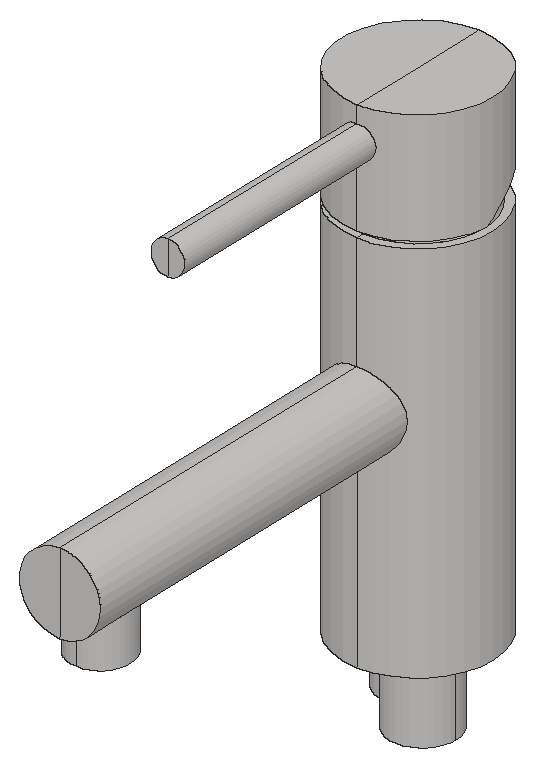
Revit family "Mixer-Basin-Caroma Titan1", category Plumbing Fixtures, host Face, Revit 2013
Parameters (values of type "Titan Basin Mixer")
  Waste Connection = no
  Vent Connection = no
  URL = "www.caroma.com.au"
  Type Comments = "WELS 6 star rated, 4.5L/min, 35mm cartridge"  # constant formula
  ModifiedIssue_ANZRS = 2013.2  # constant formula
  Model = "99000SS6A"  # constant formula
  Material_ANZRS = Metal-Stainless Steel-Caroma
  Manufacturer = "GWA Bathrooms & Kitchens"  # constant formula
  HWFU = 1.18  # constant formula
  HW Connection = yes
  Description = "Caroma Titan Basin Mixer"  # constant formula
  Default Elevation = 900 mm
  CreatedBy_ANZRS = "Design Content"  # constant formula
  CreatedByURL_ANZRS = "www.designcontent.com.au"
  Cost = 271.82
  Connector Radius = 10 mm
  CWFU = 1.18  # constant formula
  CW Connection = yes
  Assembly Code = "C1030210"
Reference planes
  plane 1 "Center (Front/Back)": y = 0
  plane 2: z = 0
  plane 3 "Center (Left/Right)": x = 0
Forms (mm)
  Revolve 1, solid, material "Metal-Stainless Steel-Caroma" <- "Material_ANZRS"
    sketch origin (0, 0, 0) x (0, 1, 0) y (0, 0, 1)
      loop
        line (-22.5, 0) -> (0, 0) -> (0, 127.121) -> (-13.031, 127.121)
        arc (-13.031, 127.121) -> (-17.757, 121.224) -> (-19.977, 114) r 20.137
        line (-19.977, 114) -> (-22.5, 114) -> (-22.5, 0)
      axis (0, 0) -> (0, 127.121)
    angle from 0 to 360
  Revolve 2, solid, material "Metal-Stainless Steel-Caroma" <- "Material_ANZRS"
    sketch origin (0, 47.277, 8.336) x (0, 1, 0) y (0, 0, 1)
      loop
        line (-69.78, 107.664) -> (-47.277, 107.664) -> (-47.277, 141.164) -> (-69.78, 141.164) -> (-69.78, 107.664)
      axis (-47.277, 107.664) -> (-47.277, 141.164)
    angle from 0 to 360
  Revolve 3, solid, material "Metal-Stainless Steel-Caroma" <- "Material_ANZRS"
    sketch origin (0, -129.116, 17.581) x (0, 1, 0) y (0, 0, 1)
      loop
        line (36.61, 126.913) -> (36.61, 121.919) -> (111.592, 121.919) -> (111.592, 126.913) -> (36.61, 126.913)
      axis (36.61, 121.919) -> (111.592, 121.919)
    angle from 0 to 360
  Revolve 4, solid, material "Metal-Stainless Steel-Caroma" <- "Material_ANZRS"
    sketch origin (0, -169.116, -46.929) x (0, 1, 0) y (0, 0, 1)
      loop
        line (36.61, 126.913) -> (36.61, 114.929) -> (158.323, 114.929) -> (158.323, 126.913) -> (36.61, 126.913)
      axis (36.61, 114.929) -> (158.323, 114.929)
    angle from 0 to 360
  Revolve 5, solid, material "Metal-Stainless Steel-Caroma" <- "Material_ANZRS"
    sketch origin (0, -67.487, 0) x (0, 1, 0) y (0, 0, 1)
      loop
        line (-50.019, 46) -> (-41.022, 46) -> (-41.022, 62.603) -> (-50.019, 62.603) -> (-50.019, 46)
      axis (-50.019, 46) -> (-50.019, 62.603)
    angle from 0 to 360
  Extrusion 6, void
    sketch origin (0, 0, 0) x (0, 1, 0) y (0, 0, 1)
      loop
        arc (25.868, 126.761) -> (9.817, 123.283) -> (-4.132, 114.616) r 48.178
        line (-4.132, 114.616) -> (25.868, 114.616) -> (25.868, 126.761)
    from -50 to 50
  Extrusion 7, solid, material "Metal-Stainless Steel-Caroma" <- "Material_ANZRS"
    sketch origin (14.142, 0, 0) x (1, 0, 0) y (0, 1, 0)
      loop
        circle (-7.071, -7.071) r 10
    from -20 to 0
  Extrusion 8, solid, material "Metal-Stainless Steel-Caroma" <- "Material_ANZRS"
    sketch origin (-14.142, 0, 0) x (-1, 0, 0) y (0, -1, 0)
      loop
        circle (-7.071, -7.071) r 10
    from -20 to 0
Cuts and joins
  Extrusion 6 cuts Revolve 2
  joined: Revolve 1, Revolve 2, Revolve 3, Revolve 4, Revolve 5
Lines and regions (mm)
  Masking region 1
    outline origin (0, 0, 0) x (0, 1, 0) y (0, 0, 1)
      loop
        line (-22.5, 0) -> (22.5, 0) -> (22.5, 114) -> (19.977, 114)
        arc (19.977, 114) -> (18.406, 119.918) -> (15.104, 125.075) r 19.822
        arc (15.104, 125.075) -> (18.776, 125.933) -> (22.504, 126.501) r 48.178
        line (22.504, 126.501) -> (22.504, 149.5) -> (-22.504, 149.5) -> (-22.504, 144.493) -> (-92.506, 144.493) -> (-92.506, 134.507) -> (-22.504, 134.507) -> (-22.504, 116) -> (-19.663, 116)
        arc (-19.663, 116) -> (-19.846, 115.004) -> (-19.977, 114) r 19.822
        line (-19.977, 114) -> (-22.5, 114) -> (-22.5, 79.984) -> (-132.506, 79.984) -> (-132.506, 56.016) -> (-126.504, 56.016) -> (-126.504, 46) -> (-108.509, 46) -> (-108.509, 56.016) -> (-22.5, 56.016) -> (-22.5, 0)
  Masking region 2
    outline origin (0, 0, 0) x (1, 0, 0) y (0, 0, 1)
      loop
        line (-22.5, 0) -> (0, 0) -> (22.5, 0) -> (22.5, 114) -> (19.977, 114)
        arc (19.977, 114) -> (19.847, 115.008) -> (19.624, 116) r 11.009
        line (19.624, 116) -> (22.504, 116) -> (22.504, 149.5) -> (-22.504, 149.5) -> (-22.504, 116) -> (-19.624, 116)
        arc (-19.624, 116) -> (-19.847, 115.008) -> (-19.977, 114) r 11.009
        line (-19.977, 114) -> (-22.5, 114) -> (-22.5, 0)
  Masking region 3
    outline origin (0, 0, 0) x (1, 0, 0) y (0, 1, 0)
      loop
        line (11.984, -132.506) -> (11.984, -19.047)
        arc (11.984, -19.047) -> (0, 22.504) -> (-11.984, -19.047) r 22.504
        line (-11.984, -19.047) -> (-11.984, -132.506) -> (11.984, -132.506)
  symbolic lines
    curve 1: arc (0, 22.504, 126.501) -> (0, 9.244, 123.047) -> (0, -2.506, 116) r 48.178
    curve 2: line (0, -22.504, 116) -> (0, -2.506, 116)
    curve 3: line (0, -22.5, 114) -> (0, 22.5, 114)
    curve 4: line (0, -22.504, 134.507) -> (0, -22.504, 144.493)
    curve 5: line (0, -22.5, 56.016) -> (0, -22.5, 79.984)
    curve 6: line (0, -108.509, 56.016) -> (0, -126.504, 56.016)
    curve 7: arc (0, 0, 79.984) -> (-11.984, 0, 68) -> (0, 0, 56.016) r 11.984
    curve 8: arc (0, 0, 56.016) -> (11.984, 0, 68) -> (0, 0, 79.984) r 11.984
    curve 9: line (8.997, 0, 46) -> (0, 0, 46)
    curve 10: line (0, 0, 46) -> (-8.997, 0, 46)
    curve 11: line (-22.5, 0, 114) -> (0, 0, 114)
    curve 12: line (0, 0, 114) -> (22.5, 0, 114)
    curve 13: line (0, 0, 116) -> (22.364, 0, 116)
    curve 14: line (-22.364, 0, 116) -> (0, 0, 116)
    curve 15: arc (0, 0, 134.507) -> (4.993, 0, 139.5) -> (0, 0, 144.493) r 4.993
    curve 16: arc (0, 0, 144.493) -> (-4.993, 0, 139.5) -> (0, 0, 134.507) r 4.993
    curve 17: line (-22.504, 0, 149.5) -> (0, 0, 149.5)
    curve 18: line (0, 0, 149.5) -> (22.504, 0, 149.5)
    curve 19: line (-8.997, 0, 46) -> (-8.997, 0, 60.084)
    curve 20: line (8.997, 0, 46) -> (8.997, 0, 60.084)
    curve 21: line (0, -92.506, 0) -> (4.993, -92.506, 0)
    curve 22: line (-4.993, -92.506, 0) -> (0, -92.506, 0)
    curve 23: arc (0, -22.504, 0) -> (-22.504, 0, 0) -> (0, 22.504, 0) r 22.504
    curve 24: arc (0, 22.504, 0) -> (22.504, 0, 0) -> (0, -22.504, 0) r 22.504
    curve 25: line (0, -132.506, 0) -> (11.984, -132.506, 0)
    curve 26: line (-11.984, -132.506, 0) -> (0, -132.506, 0)
    curve 27: line (4.993, -92.506, 0) -> (4.993, -21.943, 0)
    curve 28: line (-4.993, -92.506, 0) -> (-4.993, -21.943, 0)
Dimensions and locks
  aligned and locked: plane 2 to host face
  aligned and locked: level to host face
Connectors
  piping at (7.071, -7.071, -20), driven by "Connector Radius", driven by "CWFU"
    settings: on Extrusion 7, index 3, connector radius 0.3937", flow factor 0, pipe flow 0 GPM, pressure drop 0.00 psi, fitting loss kfactor 0, connector angle 0.00°, fixture units 1.18, engagement length 0 mm, flow configuration 3, flow direction 1, fitting loss method 1, system type 20, joint type 0, gender type 0, connector reference index -1, connector utility 0, adjustable connector no, is connector primary yes, fitting loss table "Outlet", connector description "Cold Inlet"
  piping at (-7.071, 7.071, -20), driven by "Connector Radius", driven by "HWFU"
    settings: on Extrusion 8, index 4, connector radius 0.3937", flow factor 0, pipe flow 0 GPM, pressure drop 0.00 psi, fitting loss kfactor 0, connector angle 0.00°, fixture units 1.18, engagement length 0 mm, flow configuration 3, flow direction 1, fitting loss method 1, system type 19, joint type 0, gender type 0, connector reference index -1, connector utility 0, adjustable connector no, is connector primary no, fitting loss table "Outlet", connector description "Hot Inlet"
